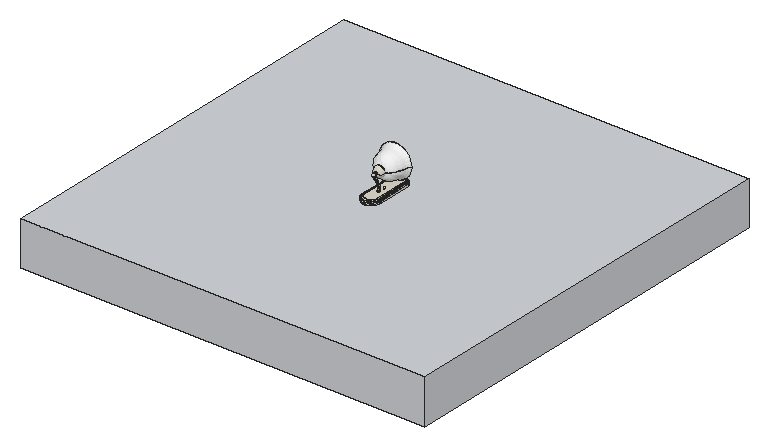
Revit family "P3266-09 1-100W MED BATH BRKT", category Lighting Fixtures, host Face, Revit 2012
Parameters (values of type "P3266-09 1-100W MED BATH BRKT")
  Wire Finish = Wire Finish
  Wattage Comments = "100 W"  # constant formula
  URL = "http://www.progresslighting.com/"
  Product Page URL = "https://progresslighting.com/products.aspx?product=P3266-09"
  Product Documentation Link = "https://progresslighting.com/SpecSheets/P3266.pdf"
  Model = "P3266-09"  # constant formula
  Manufacturer Phone = "(864)-678-1000"  # constant formula
  Manufacturer Fax = "(864)-678-1065"  # constant formula
  Manufacturer = "Progress Lighting"  # constant formula
  Lamp = "One"  # constant formula
  Glass = Ethed Albastor Glass Shade
  Family = "Avalon"
  Description = " One-light bath bracket with swirled alabaster glass."  # constant formula
  Default Elevation = 48"
  Back Plate = Brushed Nickel
Reference planes (in)
  plane 1 "Center (Front/Back)": y = 0
  plane 2: z = -1.5
  plane 3 "Center (Left/Right)": x = 0
  plane 4: z = -0.5
  plane 5: z = -0.7184746
  plane 6: x = -2.25
  plane 7: x = 2.25
  plane 8: y = 6
  plane 9: y = -6
  plane 10: z = 0.75
  plane 11: z = 8.75
  plane 12: z = 1
  plane 13: z = 0.7894181
  plane 14: z = 4.8105749
Forms (in)
  Extrusion 1, solid
    sketch origin (0, 0, 0) x (1, 0, 0) y (0, 1, 0)
      loop
        line (-48, 48) -> (-48, -48) -> (48, -48) -> (48, 48) -> (-48, 48)
    from -1.5 to -12
  Sweep 2, solid, material "Brushed Nickel" <- "Back Plate"
    path origin (0, 0, 0) x (1, 0, 0) y (0, 1, 0)
      loop
        line (-2.25, 4.25) -> (-2.25, -4.25)
        arc (-2.25, -4.25) -> (0, -6) -> (2.25, -4.25) r 2.3214286
        line (2.25, -4.25) -> (2.25, 4.25)
        arc (2.25, 4.25) -> (0, 6) -> (-2.25, 4.25) r 2.3214286
    profile origin (-2.25, 0, 0) x (1, 0, 0) y (0, 0, 1)
      loop
        line (0, 0) -> (0.6419816, 0) -> (0.6419816, 0.75) -> (0.5980709, 0.75) -> (0.5259933, 0.75) -> (0.5259933, 0.6096029) -> (0.3855961, 0.6096029) -> (0.3855961, 0.5403321) -> (0.3054399, 0.5403321)
        arc (0.3054399, 0.5403321) -> (0.2517949, 0.5181116) -> (0.2295744, 0.4644666) r 0.0758655
        line (0.2295744, 0.4644666) -> (0.2295744, 0.3459603) -> (0.0829924, 0.3459603)
        arc (0.0829924, 0.3459603) -> (0.0243079, 0.3216524) -> (0, 0.2629679) r 0.0829924
        line (0, 0.2629679) -> (0, 0)
  Extrusion 3, solid, material "Brushed Nickel" <- "Back Plate"
    sketch origin (0, 0, 0) x (1, 0, 0) y (0, 1, 0)
      loop
        arc (1.6080184, 4.1631526) -> (0, 5.3580184) -> (-1.6080184, 4.1631526) r 1.679447
        line (-1.6080184, 4.1631526) -> (-1.6080184, -4.1631526)
        arc (-1.6080184, -4.1631526) -> (0, -5.3580184) -> (1.6080184, -4.1631526) r 1.679447
        line (1.6080184, -4.1631526) -> (1.6080184, 4.1631526)
    from 0 to 0.75
  Extrusion 4, solid, material "Brushed Nickel" <- "Back Plate"
    sketch origin (0, 0, 0) x (1, 0, 0) y (0, 1, 0)
      loop
        circle (0, 0) r 0.1607797
    from 0.75 to 0.7894181
  Revolve 5, solid, material "Brushed Nickel" <- "Back Plate"
    sketch origin (0, 0, 0) x (1, 0, 0) y (0, 0, 1)
      loop
        line (0, 0.9861596) -> (0, 0.7042499)
        arc (0, 0.7042499) -> (0.1409548, 0.8452048) -> (0, 0.9861596) r 0.1409548
      axis (0, 0.9861596) -> (0, 0.7042499)
    angle from 0 to 360
  Sweep 6, solid, material "Brushed Nickel" <- "Back Plate"
    path origin (0, -0.017689, -0.2299569) x (0, 1, 0) y (0, 0, 1)
      loop
        arc (-1.7166368, 0.9799569) -> (-1.6890658, 1.2355169) -> (-1.6808014, 1.492427) r 3.413879
        arc (-1.6808014, 1.492427) -> (-1.6869325, 1.7958715) -> (-1.7019835, 2.0990045) r 10.3207567
        arc (-1.7019835, 2.0990045) -> (-1.7443655, 2.3880217) -> (-1.8329696, 2.6663677) r 1.798709
        arc (-1.8329696, 2.6663677) -> (-1.9669005, 2.9700131) -> (-2.1163961, 3.2663053) r 6.3981046
        arc (-2.1163961, 3.2663053) -> (-2.2186147, 3.4460251) -> (-2.3293091, 3.6206521) r 4.3231633
        arc (-2.3293091, 3.6206521) -> (-2.4166326, 3.7551319) -> (-2.5004392, 3.8918312) r 6.1822612
        arc (-2.5004392, 3.8918312) -> (-2.648589, 4.218666) -> (-2.720842, 4.5701612) r 1.6135978
        arc (-2.720842, 4.5701612) -> (-2.7302328, 4.7997479) -> (-2.7164587, 5.0291134) r 2.2791401
    profile origin (0, -1.7067548, 1.00556) x (0, -0.997564, 0.069756) y (1, 0, 0)
      loop
        circle (0, 0) r 0.14
  Extrusion 7, solid, material "Brushed Nickel" <- "Back Plate"
    sketch origin (-0.0108893, 0, 0) x (1, 0, 0) y (0, 1, 0)
      loop
        circle (0.009731, -1.7343258) r 0.16
    from 0.75 to 0.7894181
  Sweep 8, solid, material "Wire Finish" <- "Wire Finish"
    path origin (0, 0, 0.0038621) x (0, 1, 0) y (0, 0, 1)
      loop
        arc (-1.738704, 0.7597838) -> (-1.711133, 1.0153438) -> (-1.7028686, 1.2722539) r 3.413879
        arc (-1.7028686, 1.2722539) -> (-1.7089997, 1.5756983) -> (-1.7240508, 1.8788313) r 10.3207567
        arc (-1.7240508, 1.8788313) -> (-1.7664327, 2.1678486) -> (-1.8550369, 2.4461945) r 1.798709
        arc (-1.8550369, 2.4461945) -> (-1.9889678, 2.7498399) -> (-2.1384633, 3.0461322) r 6.3981046
        arc (-2.1384633, 3.0461322) -> (-2.240682, 3.2258519) -> (-2.3513763, 3.4004789) r 4.3231633
        arc (-2.3513763, 3.4004789) -> (-2.4386999, 3.5349588) -> (-2.5225065, 3.671658) r 6.1822612
        arc (-2.5225065, 3.671658) -> (-2.6706563, 3.9984928) -> (-2.7429092, 4.349988) r 1.6135978
        arc (-2.7429092, 4.349988) -> (-2.7523, 4.5795747) -> (-2.738526, 4.8089402) r 2.2791401
    profile origin (0, -1.711133, 1.0192059) x (0, -0.997564, 0.069756) y (1, 0, 0)
      loop
        circle (0, 0.2085529) r 0.0572246
  Sweep 9, solid, material "Wire Finish" <- "Wire Finish"
    path origin (0, 0, 0.0038621) x (0, 1, 0) y (0, 0, -1)
      loop
        arc (-1.738704, -0.7597838) -> (-1.711133, -1.0153438) -> (-1.7028686, -1.2722539) r 3.413879
        arc (-1.7028686, -1.2722539) -> (-1.7089997, -1.5756983) -> (-1.7240508, -1.8788313) r 10.3207567
        arc (-1.7240508, -1.8788313) -> (-1.7664327, -2.1678486) -> (-1.8550369, -2.4461945) r 1.798709
        arc (-1.8550369, -2.4461945) -> (-1.9889678, -2.7498399) -> (-2.1384633, -3.0461322) r 6.3981046
        arc (-2.1384633, -3.0461322) -> (-2.240682, -3.2258519) -> (-2.3513763, -3.4004789) r 4.3231633
        arc (-2.3513763, -3.4004789) -> (-2.4386999, -3.5349588) -> (-2.5225065, -3.671658) r 6.1822612
        arc (-2.5225065, -3.671658) -> (-2.6706563, -3.9984928) -> (-2.7429092, -4.349988) r 1.6135978
        arc (-2.7429092, -4.349988) -> (-2.7523, -4.5795747) -> (-2.738526, -4.8089402) r 2.2791401
    profile origin (0, -1.711133, 1.0192059) x (0, 0.997564, -0.069756) y (-1, 0, 0)
      loop
        circle (0, 0.2085529) r 0.0572246
  Sweep 10, solid, material "Wire Finish" <- "Wire Finish"
    path origin (0.0049313, 0, -0.0076362) x (1, 0, 0) y (0, 0, 1)
      loop
        line (0.2018863, 4.8105749) -> (0.2018863, 5.0238366)
        arc (0.2018863, 5.0238366) -> (-0.0072603, 5.2329831) -> (-0.2164068, 5.0238366) r 0.2091465
        line (-0.2164068, 5.0238366) -> (-0.2164068, 4.8105749)
    profile origin (-0.2114755, 0, 4.9095695) x (0, -1, 0) y (1, 0, 0)
      loop
        circle (2.7387222, 0) r 0.0585938
  Sweep 11, solid, material "Wire Finish" <- "Wire Finish"
    path origin (0, 0, 0) x (1, 0, 0) y (0, 1, 0)
      loop
        line (-1.6080184, 4.1631526) -> (-1.6080184, -4.1631526)
        arc (-1.6080184, -4.1631526) -> (0, -5.3580184) -> (1.6080184, -4.1631526) r 1.679447
        line (1.6080184, -4.1631526) -> (1.6080184, 4.1631526)
        arc (1.6080184, 4.1631526) -> (0, 5.3580184) -> (-1.6080184, 4.1631526) r 1.679447
    profile origin (-1.6080184, 0, 0) x (1, 0, 0) y (0, 0, 1)
      loop
        line (-0.2563854, 0.6096029) -> (-0.1159883, 0.6096029) -> (-0.1159883, 0.75)
        arc (-0.1159883, 0.75) -> (-0.2152641, 0.7088786) -> (-0.2563854, 0.6096029) r 0.1403971
Lines and regions (in)
  model lines
    curve 1: arc (1.6080184, 4.1631526, 0) -> (0, 5.3580184, 0) -> (-1.6080184, 4.1631526, 0) r 1.679447
    curve 2: line (1.6080184, 4.1631526, 0) -> (1.6080184, -4.1631526, 0)
Dimensions and locks (in)
  locked: plane 2 to plane 4 at 1
  plane 4 to Extrusion 1 = 1"
  plane 2 to plane 5 to plane 4 = 0.78153", 0.21847"
  locked: plane 4 to plane 5 at 0.2184746
  locked: plane 6 to plane 3 "Center (Left/Right)" at 2.25
  locked: plane 7 to plane 3 "Center (Left/Right)" at 2.25
  locked: plane 8 to plane 1 "Center (Front/Back)" at 6
  locked: plane 9 to plane 1 "Center (Front/Back)" at 6
  locked: plane 10 to plane 4 at 1.25
  plane 10 to Sweep 2 sketch curve = 0.20967"
  level to plane 10 = 3/4"
  locked: plane 11 to level at 8.75
  locked: plane 3 "Center (Left/Right)" to Extrusion 3 at 1.6080184
  locked: Extrusion 4 sketch curve to plane 3 "Center (Left/Right)" at 0
  locked: Extrusion 4 sketch curve to Extrusion 4 sketch curve
  level to plane 12 = 1"
  locked: Revolve 5 sketch curve to plane 3 "Center (Left/Right)" at 0  (x2)
  locked: plane 13 to plane 12 at 0.2105819
  nested 1 to plane 8 = 2.44749"  (x2)
  plane 9 to nested 1 = 5.30251"
  locked: nested 1 to curve 2 at 1.6080184
  Extrusion 7 sketch curve to nested 1 = 0.00116"
  Extrusion 7 sketch curve to plane 1 "Center (Front/Back)" = 1.73433"
  locked: Extrusion 7 sketch curve to plane 1 "Center (Front/Back)" at 1.7343258
  locked: Extrusion 7 sketch curve to plane 3 "Center (Left/Right)" at 0.0011583
  plane 9 to nested 1 = 4.05251"
  plane 1 "Center (Front/Back)" to nested 1 = 3.55251"
  locked: plane 8 to Sweep 2 sketch curve at 2.3214286
  locked: plane 9 to Sweep 2 sketch curve at 2.3214286
  locked: Sweep 2 sketch curve to plane 3 "Center (Left/Right)" at 2.25  (x2)
  locked: plane 3 "Center (Left/Right)" to Sweep 2 sketch curve at 2.25
  plane 4 to Sweep 2 sketch curve to plane 10 = 0.76297" locked, 0.48703" locked
  locked: plane 12 to Revolve 5 sketch curve at 0.1547952
  locked: Extrusion 4 sketch curve to nested 1 at 0
  locked: Extrusion 4 sketch curve to plane 1 "Center (Front/Back)" at 0
  locked: nested 1 to plane 8 at 5.6974941
  aligned and locked: plane 2 to Extrusion 1
  aligned and locked: Sweep 2 sketch curve to profile plane
  aligned and locked: plane 10 to Sweep 2 sketch curve
  aligned and locked: curve 1 to Sweep 2
  aligned and locked: curve 2 to Sweep 2
  aligned and locked: Extrusion 3 sketch curve to Sweep 2  (x4)
  aligned and locked: Sweep 2 sketch curve to Sweep 2 sketch curve
  aligned and locked: Sweep 2 to Extrusion 3
  aligned and locked: Extrusion 4 to Sweep 2
  aligned and locked: Revolve 5 sketch curve to plane 3 "Center (Left/Right)"
  aligned and locked: Revolve 5 sketch curve to Revolve 5 sketch curve
  aligned and locked: plane 3 "Center (Left/Right)" to Revolve 5 sketch curve
  aligned and locked: plane 13 to Extrusion 4
  aligned and locked: Extrusion 7 to Sweep 2
  aligned and locked: Extrusion 4 to Extrusion 7
  aligned and locked: Sweep 11 sketch curve to Extrusion 3  (x4)
  aligned and locked: Sweep 11 sketch curve to Sweep 2  (x2)
Nested families (in)
  nested 1: "p3266 Lamp" at (0, 0.3025059, 4.908077), type "p3266 Lamp"
Connectors (in)
  electrical at (0, 0, 0), driven by "Description"
    settings: on Sweep 2, index 1, voltage 0 V, apparent load 0 VA, apparent load phase1 0 VA, apparent load phase2 0 VA, apparent load phase3 0 VA, power factor 1, load classification "Other", number of poles 1, system type 30, power factor state 1, is connector primary yes, connector utility no, sub classification motor no, connector description " One-light bath bracket with swirled alabaster glass."
Definition of nested family "p3266 Lamp"
  Parameters (values of type "p3266 Lamp")
    Wattage = 9.2903 W
    built-in parameter 1150110 = 1 (stored number, unit not read)
    built-in parameter 1114217 = 1 (stored number, unit not read)
    built-in parameter 1150109 = 1 (stored number, unit not read)
    built-in parameter 1150134 = 3
    built-in parameter 1150113 = 1 (stored number, unit not read)
    built-in parameter 1150105 = 109.82 (stored number, unit not read)
    Lumens = 1380 lm
    built-in parameter 1150115 = 1 (stored number, unit not read)
    Light Source Symbol Size = 4"
    built-in parameter 1150137 = (empty or 0)
    built-in parameter 1150139 = (empty or 0)
    built-in parameter 1150112 = 1 (stored number, unit not read)
    built-in parameter 1150114 = 1 (stored number, unit not read)
    built-in parameter 1150132 = (empty or 0)
    built-in parameter 1150102 = (empty or 0)
    built-in parameter 1150107 = 3200 (stored number, unit not read)
    built-in parameter 1150138 = (empty or 0)
    built-in parameter 1150106 = 1.0982 (stored number, unit not read)
    Glass = Ethed Albastor Glass Shade
    built-in parameter 1150104 = 13.8 (stored number, unit not read)
    Dimming Lamp Color Temperature Shift = (empty or 0)
    Color Filter = 16777215
    built-in parameter 1114218 = 1 (stored number, unit not read)
    Back Plate = Brushed Nickel
    built-in parameter 1150133 = 10 (stored number, unit not read)
  Reference planes (in)
    plane 1 "Center (Front/Back)": y = 0
    plane 2: z = 0
    plane 3 "Center (Left/Right)": x = 0
    plane 4: x = -3.875
    plane 5: y = 3.25
    plane 6: y = -3.25
    plane 7: x = 3.875
    plane 8: z = 3.875
    plane 9: y = -1
    plane 10: y = -2.25
    plane 11: y = -3.75
  Forms (in)
    Revolve 1, solid, material "Ethed Albastor Glass Shade" <- "Glass"
      sketch origin (0, -0.5135397, 0) x (1, 0, 0) y (0, 1, 0)
        loop
          line (3.875, 3.7113409) -> (3.875, 3.7439027)
          arc (3.875, 3.7439027) -> (3.8692484, 3.7577882) -> (3.855363, 3.7635397) r 0.019637
          line (3.855363, 3.7635397) -> (3.6416591, 3.7635397)
          spline (3.6416591, 3.7635397) -> (3.2409851, 3.2371345) -> (3.0305907, 2.7856846) -> (2.9435046, 2.3943747) -> (2.9027603, 2.0486008) -> (2.8627346, 1.7124051) -> (2.8063313, 1.3728598) -> (2.7173565, 1.0176405) -> (2.579447, 0.6339804) -> (2.3752198, 0.2338238) -> (2.0841259, -0.1576654) -> (1.6820397, -0.51551) -> (1.1416087, -0.8157088)
          line (1.1416087, -0.8157088) -> (1.2193053, -1)
          spline (1.2193053, -1) -> (1.8115897, -0.6759246) -> (2.2567557, -0.2848855) -> (2.5793852, 0.1426823) -> (2.8040595, 0.5763437) -> (2.9551087, 0.9870675) -> (3.0529948, 1.3673776) -> (3.1151514, 1.7266783) -> (3.1589311, 2.0748247) -> (3.2021491, 2.4218661) -> (3.2857961, 2.78757) -> (3.4843733, 3.2057558) -> (3.875, 3.7113409)
        axis (0, -1) -> (0, 3.7635397)
      angle from 0 to 360
    Revolve 2, solid, material "Brushed Nickel" <- "Back Plate"
      sketch origin (0, -0.5135397, 0) x (1, 0, 0) y (0, 1, 0)
        loop
          line (1.2193053, -1) -> (0, -1) -> (0, -3.25)
          arc (0, -3.25) -> (0.2559827, -3.0446698) -> (0.1110891, -2.7502322) r 0.2622304
          line (0.1110891, -2.7502322) -> (0.2068854, -2.7502322)
          arc (0.2068854, -2.7502322) -> (0.2196196, -2.7317063) -> (0.2068854, -2.7131805) r 0.019843
          arc (0.2068854, -2.7131805) -> (0.1727929, -2.5319544) -> (0.2068854, -2.3507284) r 0.4987196
          arc (0.2068854, -2.3507284) -> (0.2272347, -2.3422994) -> (0.2356637, -2.32195) r 0.0287783
          arc (0.2356637, -2.32195) -> (0.276239, -2.2974836) -> (0.2817629, -2.2504257) r 0.0538347
          arc (0.2817629, -2.2504257) -> (0.9520126, -1.8883604) -> (1.2193053, -1.1750017) r 1.085563
          line (1.2193053, -1.1750017) -> (1.2193053, -1)
        axis (0, -1) -> (0, -3.25)
      angle from 0 to 360
  Dimensions and locks (in)
    locked: plane 4 to plane 3 "Center (Left/Right)" at 3.875
    locked: plane 5 to plane 1 "Center (Front/Back)" at 3.25
    locked: plane 6 to plane 1 "Center (Front/Back)" at 3.25
    locked: plane 7 to plane 3 "Center (Left/Right)" at 3.875
    locked: plane 8 to plane 2 at 3.875
    locked: plane 5 to plane 9 at 4.25
    plane 6 to plane 5 = 6 1/2"
    Revolve 2 sketch curve to plane 1 "Center (Front/Back)" = 1.51354"
    Revolve 2 sketch curve to plane 4 = 5.09431"
    plane 9 to Revolve 2 sketch curve = 0.68854"
    Revolve 2 sketch curve to plane 6 = 0.25131"
    plane 10 to Revolve 2 sketch curve = 0.79549"
    plane 10 to Revolve 2 sketch curve = 0.73646"
    locked: plane 5 to plane 11 at 7
    aligned and locked: plane 2 to level
    aligned and locked: Revolve 2 sketch curve to plane 3 "Center (Left/Right)"  (x2)
    aligned and locked: plane 5 to Revolve 1 sketch curve
